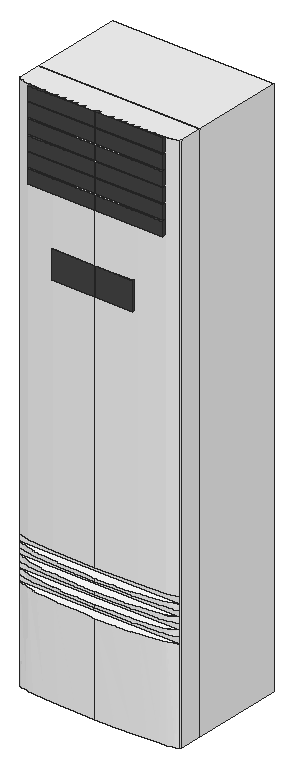
Revit family "MFJ-48ARN1-R", category Mechanical Equipment, Revit 2013
Parameters (values of type "MFJ-48ARN1-R")
  clearance access up = 300.000 mm
  clearance access right = 500.000 mm
  clearance access left = 500.000 mm
  clearance access front = 2000.000 mm
  clearance access behind = 50.000 mm
  clearance [instance] = no
  Width = 540.000 mm
  URL = ""
  Series = "J2"
  Power supply = "3 phase,380-415V, 50Hz"
  Panel color = "Polar white"
  Net Weight = 52.90 kg
  Model = "MFJ-48ARN1-R"
  Minimum Circuit Amps = 11 A
  Min cable selection (power wiring) = "2.5x5"
  Maximum Fuse Amps = 15 A
  Manufacturer = ""
  Machine material = Galvanized Steel
  Liquid pipe = 9.520 mm
  Installation = "Indoor installation"
  Height = 1825.000 mm
  Heating Power Input = 5300 W
  Heating Capacity = 16120 W
  Gas pipe = 19.000 mm
  Gas = "R410A"
  Description = "Floor standing"
  Depth = 410.000 mm
  Cooling Power Input = 5300 W
  Cooling Capacity = 14068 W
  Condensation = ""
  Combine Capacity = 3517 W
  Combine = 3700 W
  Air  Flow = "1488/1180 m3/h"
Reference planes
  plane 1 "center(front/back)": y = 0
  plane 2: z = 0
  plane 3 "center(left/right)": x = 0
  plane 4: z = 1825
  plane 5: x = 540
  plane 6: y = -410
  plane 7: y = -310
  plane 8: x = 270
  plane 9: z = 1825
Forms (mm)
  Extrusion 1, solid, material "HXL White", detail levels medium+fine
    sketch origin (0, 0, 0) x (1, 0, 0) y (0, 1, 0)
      loop
        line (0, 0) -> (0, -310) -> (540, -310) -> (540, 0) -> (0, 0)
    from 1825 to 0
  Extrusion 2, solid, material "HXL White", detail levels medium+fine
    sketch origin (0, 0, 0) x (1, 0, 0) y (0, 1, 0)
      loop
        line (0, -310) -> (0, -385)
        arc (0, -385) -> (0.702, -388.53) -> (2.702, -391.523) r 9.224
        spline (2.702, -391.523) -> (6.949, -394.019) -> (14.475, -396.341) -> (25.278, -398.49) -> (39.359, -400.465) -> (56.717, -402.265) -> (77.353, -403.892) -> (101.267, -405.345) -> (128.458, -406.624) -> (158.927, -407.729) -> (192.674, -408.66) -> (229.698, -409.417) -> (270, -410)
        spline (270, -410) -> (310.302, -409.417) -> (347.326, -408.66) -> (381.073, -407.729) -> (411.542, -406.624) -> (438.733, -405.345) -> (462.647, -403.892) -> (483.283, -402.265) -> (500.641, -400.465) -> (514.722, -398.49) -> (525.525, -396.341) -> (533.051, -394.019) -> (537.298, -391.523)
        arc (537.298, -391.523) -> (539.298, -388.53) -> (540, -385) r 9.224
        line (540, -385) -> (540, -310) -> (0, -310)
    from 1825 to 0
  Extrusion 3, void
    sketch origin (0, 0, -1450) x (0, 1, 0) y (0, 0, 1)
      loop
        line (-410, 1825) -> (-410, 1794.332) -> (-391.523, 1805) -> (-391.523, 1825) -> (-410, 1825)
    from 540 to 0
  Extrusion 4, void
    sketch origin (0, 0, -1410) x (0, 1, 0) y (0, 0, 1)
      loop
        line (-410, 1825) -> (-410, 1794.332) -> (-391.523, 1805) -> (-391.523, 1825) -> (-410, 1825)
    from 540 to 0
  Extrusion 5, void
    sketch origin (0, 0, -1370) x (0, 1, 0) y (0, 0, 1)
      loop
        line (-410, 1825) -> (-410, 1794.332) -> (-391.523, 1805) -> (-391.523, 1825) -> (-410, 1825)
    from 540 to 0
  Extrusion 6, void
    sketch origin (0, 0, -1490) x (0, 1, 0) y (0, 0, 1)
      loop
        line (-410, 1825) -> (-410, 1794.332) -> (-391.523, 1805) -> (-391.523, 1825) -> (-410, 1825)
    from 540 to 0
  Extrusion 7, solid, material "HXL Black", detail levels fine
    sketch origin (0, 0, -1500) x (0, 1, 0) y (0, 0, 1)
      loop
        line (-410, 3275) -> (-410, 3230) -> (-401.077, 3230) -> (-401.077, 3275) -> (-410, 3275)
    from 495 to 45
  Extrusion 8, solid, material "HXL Black", detail levels fine
    sketch origin (0, 0, -1450) x (0, 1, 0) y (0, 0, 1)
      loop
        line (-410, 3275) -> (-410, 3230) -> (-401.077, 3230) -> (-401.077, 3275) -> (-410, 3275)
    from 495 to 45
  Extrusion 9, solid, material "HXL Black", detail levels fine
    sketch origin (0, 0, -1600) x (0, 1, 0) y (0, 0, 1)
      loop
        line (-410, 3275) -> (-410, 3230) -> (-401.077, 3230) -> (-401.077, 3275) -> (-410, 3275)
    from 495 to 45
  Extrusion 10, solid, material "HXL Black", detail levels fine
    sketch origin (0, 0, -1550) x (0, 1, 0) y (0, 0, 1)
      loop
        line (-410, 3275) -> (-410, 3230) -> (-401.077, 3230) -> (-401.077, 3275) -> (-410, 3275)
    from 495 to 45
  Extrusion 11, solid, material "HXL Black", detail levels fine
    sketch origin (0, 0, -1700) x (0, 1, 0) y (0, 0, 1)
      loop
        line (-410, 3275) -> (-410, 3230) -> (-401.077, 3230) -> (-401.077, 3275) -> (-410, 3275)
    from 495 to 45
  Extrusion 12, solid, material "HXL Black", detail levels fine
    sketch origin (0, 0, -1650) x (0, 1, 0) y (0, 0, 1)
      loop
        line (-410, 3275) -> (-410, 3230) -> (-401.077, 3230) -> (-401.077, 3275) -> (-410, 3275)
    from 495 to 45
  Extrusion 13, solid, material "HXL Black", detail levels fine
    sketch origin (0, 0, -1960) x (0, 1, 0) y (0, 0, 1)
      loop
        line (-410, 3323.118) -> (-410, 3230) -> (-401.077, 3230) -> (-401.077, 3323.118) -> (-410, 3323.118)
    from 396.891 to 122.903
  Extrusion 14, solid, material "HXL White", detail levels fine
    sketch origin (0, 2.622, -30.139) x (0, 0, 1) y (-1, 0, 0)
      loop
        circle (87.32, -476.577) r 9.5
    from 2.622 to -15.703
  Extrusion 15, solid, material "HXL White", detail levels fine
    sketch origin (0, 2.622, 4.861) x (0, 0, 1) y (-1, 0, 0)
      loop
        circle (87.32, -476.577) r 4.76
    from 2.622 to -15.703
Cuts and joins
  Extrusion 3, Extrusion 4, Extrusion 5, Extrusion 6 cuts Extrusion 2
Lines and regions (mm)
  model lines
    curve 1: line (0, 0, 1825) -> (0, -310, 1825)
    curve 2: line (0, -310, 1825) -> (0, -385, 1825)
    curve 3: line (2.702, -391.523, 1825) -> (270, -410, 1825)
    curve 4: arc (0, -385, 1825) -> (0.702, -388.53, 1825) -> (2.702, -391.523, 1825) r 9.224
    curve 5: line (270, -410, 1825) -> (537.298, -391.523, 1825)
    curve 6: arc (537.298, -391.523, 1825) -> (539.298, -388.53, 1825) -> (540, -385, 1825) r 9.224
    curve 7: line (540, -385, 1825) -> (540, -310, 1825)
    curve 8: line (540, -310, 1825) -> (540, 0, 1825)
    curve 9: line (540, 0, 1825) -> (0, 0, 1825)
    curve 10: line (540, -310, 0) -> (540, 0, 0)
    curve 11: line (540, -385, 0) -> (540, -310, 0)
    curve 12: line (270, -410, 0) -> (537.298, -391.523, 0)
    curve 13: arc (537.298, -391.523, 0) -> (539.298, -388.53, 0) -> (540, -385, 0) r 9.224
    curve 14: line (2.702, -391.523, 0) -> (270, -410, 0)
    curve 15: arc (0, -385, 0) -> (0.702, -388.53, 0) -> (2.702, -391.523, 0) r 9.224
    curve 16: line (0, -310, 0) -> (0, -385, 0)
    curve 17: line (0, 0, 0) -> (0, -310, 0)
    curve 18: line (540, 0, 0) -> (0, 0, 0)
    curve 19: line (540, 0, 0) -> (540, 0, 1825)
    curve 20: line (540, -391.523, 0) -> (540, -391.523, 1825)
    curve 21: line (0, 0, 1825) -> (0, 0, 0)
    curve 22: line (0, -391.523, 0) -> (0, -391.523, 1825)
Dimensions and locks
  "Height": level to plane 4
  aligned and locked: level to plane 2
Automatic sketch dimensions
  plane 1 "center(front/back)" to Extrusion 1 sketch curve = 0.000 mm
  Extrusion 1 sketch curve to plane 3 "center(left/right)" = 0.000 mm
  Extrusion 1 sketch curve to plane 5 = 0.000 mm
  Extrusion 1 sketch curve to plane 7 = 0.000 mm
  Extrusion 2 sketch curve to plane 3 "center(left/right)" = 0.000 mm
  Extrusion 2 sketch curve to plane 6 = 0.000 mm
  Extrusion 2 sketch curve to plane 8 = 0.000 mm
  Extrusion 2 sketch curve to plane 5 = 0.000 mm
  Extrusion 2 sketch curve to plane 7 = 0.000 mm
  plane 3 "center(left/right)" to Extrusion 2 sketch curve = 2.702 mm
  Extrusion 2 sketch curve to plane 5 = 2.702 mm
  Extrusion 2 sketch curve to Extrusion 2 sketch curve = 6.523 mm  (x2)
  plane 6 to Extrusion 2 sketch curve = 18.477 mm  (x2)
  plane 4 to Extrusion 3 sketch curve = 1450.000 mm
  Extrusion 3 sketch curve to plane 6 = 0.000 mm
  plane 4 to Extrusion 3 sketch curve = 1480.668 mm
  plane 6 to Extrusion 3 sketch curve = 18.477 mm
  plane 4 to Extrusion 3 sketch curve = 1470.000 mm
  Extrusion 4 sketch curve to plane 6 = 0.000 mm
  plane 4 to Extrusion 4 sketch curve = 1440.668 mm
  plane 6 to Extrusion 4 sketch curve = 18.477 mm
  plane 4 to Extrusion 4 sketch curve = 1430.000 mm
  Extrusion 4 sketch curve to Extrusion 4 sketch curve = 20.000 mm
  Extrusion 5 sketch curve to plane 6 = 0.000 mm
  plane 4 to Extrusion 5 sketch curve = 1400.668 mm
  plane 6 to Extrusion 5 sketch curve = 18.477 mm
  Extrusion 5 sketch curve to Extrusion 5 sketch curve = 10.668 mm
  Extrusion 5 sketch curve to Extrusion 5 sketch curve = 20.000 mm
  Extrusion 6 sketch curve to plane 6 = 0.000 mm
  plane 4 to Extrusion 6 sketch curve = 1520.668 mm
  plane 6 to Extrusion 6 sketch curve = 18.477 mm
  Extrusion 6 sketch curve to Extrusion 6 sketch curve = 10.668 mm
  Extrusion 6 sketch curve to Extrusion 6 sketch curve = 20.000 mm
  Extrusion 7 sketch curve to plane 6 = 0.000 mm
  plane 4 to Extrusion 7 sketch curve = 95.000 mm
  plane 6 to Extrusion 7 sketch curve = 8.923 mm
  Extrusion 7 sketch curve to Extrusion 7 sketch curve = 45.000 mm
  Extrusion 8 sketch curve to plane 6 = 0.000 mm
  plane 4 to Extrusion 8 sketch curve = 45.000 mm
  plane 6 to Extrusion 8 sketch curve = 8.923 mm
  Extrusion 8 sketch curve to Extrusion 8 sketch curve = 45.000 mm
  Extrusion 9 sketch curve to plane 6 = 0.000 mm
  plane 4 to Extrusion 9 sketch curve = 195.000 mm
  plane 6 to Extrusion 9 sketch curve = 8.923 mm
  Extrusion 9 sketch curve to Extrusion 9 sketch curve = 45.000 mm
  Extrusion 10 sketch curve to plane 6 = 0.000 mm
  plane 4 to Extrusion 10 sketch curve = 145.000 mm
  plane 6 to Extrusion 10 sketch curve = 8.923 mm
  Extrusion 10 sketch curve to Extrusion 10 sketch curve = 45.000 mm
  Extrusion 11 sketch curve to plane 6 = 0.000 mm
  plane 4 to Extrusion 11 sketch curve = 295.000 mm
  plane 6 to Extrusion 11 sketch curve = 8.923 mm
  Extrusion 11 sketch curve to Extrusion 11 sketch curve = 45.000 mm
  Extrusion 12 sketch curve to plane 6 = 0.000 mm
  plane 4 to Extrusion 12 sketch curve = 245.000 mm
  plane 6 to Extrusion 12 sketch curve = 8.923 mm
  Extrusion 12 sketch curve to Extrusion 12 sketch curve = 45.000 mm
  Extrusion 13 sketch curve to plane 6 = 0.000 mm
  plane 4 to Extrusion 13 sketch curve = 555.000 mm
  plane 6 to Extrusion 13 sketch curve = 8.923 mm
  Extrusion 13 sketch curve to Extrusion 13 sketch curve = 93.118 mm
  level to Extrusion 14 sketch curve = 57.181 mm
  Extrusion 14 sketch curve to plane 5 = 63.423 mm
  level to Extrusion 15 sketch curve = 92.181 mm
  Extrusion 15 sketch curve to plane 5 = 63.423 mm
  curve 1 to Extrusion 1 = 0.000 mm  (x3)
  Extrusion 1 to curve 2 = 75.000 mm
  curve 3 to Extrusion 1 = 2.702 mm
  curve 3 to Extrusion 1 = 391.523 mm
  Extrusion 1 to curve 3 = 100.000 mm
  curve 4 to curve 3 = 260.776 mm
  curve 5 to Extrusion 1 = 2.702 mm
  Extrusion 1 to curve 5 = 81.523 mm
  curve 6 to Extrusion 1 = 0.000 mm
  curve 6 to curve 5 = 6.523 mm
  Extrusion 1 to curve 7 = 0.000 mm
  curve 11 to Extrusion 1 = 0.000 mm  (x2)
  curve 11 to Extrusion 1 = 75.000 mm
  Extrusion 1 to curve 12 = 2.702 mm
  curve 12 to Extrusion 1 = 81.523 mm
  curve 12 to Extrusion 1 = 100.000 mm
  curve 12 to curve 13 = 260.776 mm
  Extrusion 1 to curve 14 = 2.702 mm
  curve 14 to Extrusion 1 = 81.523 mm
  curve 15 to Extrusion 1 = 0.000 mm
  curve 15 to curve 15 = 6.523 mm
  curve 16 to Extrusion 1 = 0.000 mm
  curve 17 to Extrusion 1 = 0.000 mm
  Extrusion 1 to curve 19 = 0.000 mm
  curve 19 to Extrusion 1 = 0.000 mm  (x2)
  curve 20 to Extrusion 1 = 0.000 mm  (x2)
  curve 20 to Extrusion 1 = 81.523 mm
  radius of Extrusion 14 sketch curve = 9.500 mm
  radius of Extrusion 15 sketch curve = 4.760 mm
Nested families
  nested 1: "service space" at (540, -410, 0), visible <- "clearance", type "Midea Service  Space"
    with Width 500.000 mm, Height 1825.000 mm, Depth 410.000 mm
  nested 2: "service space" at (-500, -410, 0), visible <- "clearance", type "Midea Service  Space"
    with Width 500.000 mm, Height 1825.000 mm, Depth 410.000 mm
  nested 3: "service space" at (0, -410, 1825), visible <- "clearance", type "Midea Service  Space"
    with Width 540.000 mm, Height 300.000 mm, Depth 410.000 mm
  nested 4: "service space" at (0, 0, 0), visible <- "clearance", type "Midea Service  Space"
    with Width 540.000 mm, Height 1825.000 mm, Depth 50.000 mm
  nested 5: "service space" at (0, -2410, 0), visible <- "clearance", type "Midea Service  Space"
    with Width 540.000 mm, Height 1825.000 mm, Depth 2000.000 mm
Connectors
  electrical at (270, 0, 912.5)
    settings: on Extrusion 1, index 1, voltage 380 V, apparent load 0 VA, apparent load phase1 0 VA, apparent load phase2 0 VA, apparent load phase3 0 VA, power factor 1, load classification "Other", number of poles 1, system type 30, power factor state 1, is connector primary yes, connector utility no, sub classification motor no, connector description ""
  piping at (476.577, 18.325, 57.181)
    settings: on Extrusion 14, index 2, connector radius 9.5 mm, flow factor 0, pipe flow 0.0 m³/h, pressure drop 0.0 Pa, fitting loss kfactor 0, connector angle 0.00°, fixture units 0, engagement length 0.000 mm, flow configuration 0, flow direction 0, fitting loss method 0, system type 19, joint type 0, gender type 0, connector reference index -1, connector utility 0, adjustable connector no, is connector primary yes, fitting loss table "", connector description ""
  piping at (476.577, 18.325, 92.181)
    settings: on Extrusion 15, index 3, connector radius 4.76 mm, flow factor 0, pipe flow 0.0 m³/h, pressure drop 0.0 Pa, fitting loss kfactor 0, connector angle 0.00°, fixture units 0, engagement length 0.000 mm, flow configuration 0, flow direction 0, fitting loss method 0, system type 19, joint type 0, gender type 0, connector reference index -1, connector utility 0, adjustable connector no, is connector primary no, fitting loss table "", connector description ""
Definition of nested family "service space"
  Parameters (values of type "Midea Service  Space")
    Width [instance] = 500.000 mm
    Height [instance] = 500.000 mm
    Depth [instance] = 500.000 mm
  Reference planes
    plane 1 "Center (Front/Back)": y = 0
    plane 2: z = 0
    plane 3 "Center (Left/Right)": x = 0
    plane 4: z = 500
    plane 5: y = 500
    plane 6: x = 500
  Forms (mm)
    Extrusion 1, solid, material "Midea Service Space-HDY"
      sketch origin (0, 0, 0) x (1, 0, 0) y (0, 1, 0)
        loop
          line (0, 500) -> (0, 0) -> (500, 0) -> (500, 500) -> (0, 500)
      from 0 to 500
  Dimensions and locks
    "Width": plane 3 "Center (Left/Right)" to plane 6
    "Depth": plane 5 to plane 1 "Center (Front/Back)"
    "Height": level to plane 4
    aligned and locked: level to plane 2
    aligned and locked: plane 5 to Extrusion 1
    aligned and locked: Extrusion 1 to plane 6
    aligned and locked: Extrusion 1 to plane 3 "Center (Left/Right)"
    aligned and locked: plane 1 "Center (Front/Back)" to Extrusion 1
    aligned and locked: Extrusion 1 to plane 4
  Automatic sketch dimensions
    Extrusion 1 sketch curve to plane 3 "Center (Left/Right)" = 0.000 mm
    plane 1 "Center (Front/Back)" to Extrusion 1 sketch curve = 0.000 mm
    Extrusion 1 sketch curve to plane 6 = 0.000 mm
    Extrusion 1 sketch curve to plane 5 = 0.000 mm
